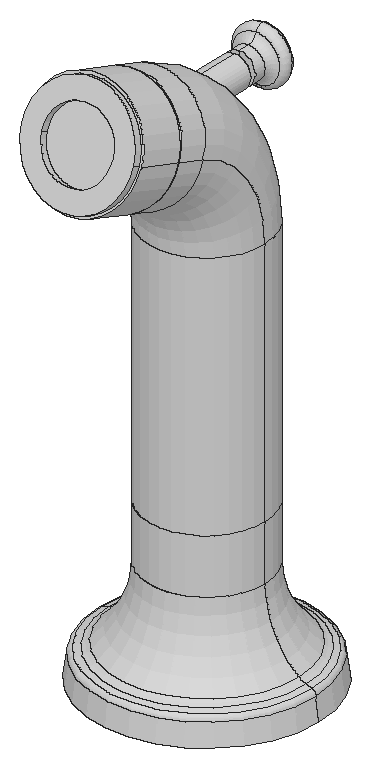
Revit family "Lixil-Grohe-Listra-Tub_Spout_with_Diverter-106206_0", category Plumbing Fixtures, host Face, Revit 2023
Family settings
  Host = Face
  Round Connector Dimension = Use Diameter
  Part Type = Normal
  OmniClass Number = 23.45.55.17
  OmniClass Title = Mixing Faucets
  Enable Cutting in Views = Yes
  Cut with Voids When Loaded = No
  Maintain Annotation Orientation = No
  Shared = No
  Room Calculation Point = No
Parameters (values of type "Listra Tub Spout with Diverter")
  Depth = 7 3/8"  # constant formula
  Width = 2 3/4"  # constant formula
  Waste Connection = 1 = 0  # no
  Warranty URL = "https://www.grohe.us/support/warranty"
  Version = "2023 - v1.0a"  # constant formula
  Vent Connection = 1 = 0  # no
  URL = "https://www.grohe.us"
  Support Phone = "224-699-9545"  # constant formula
  Support Email = "mailto:support@bimsmith.com"
  Product Page URL = "https://www.grohe.us"
  Product Name = "Listra Tub Spout with Diverter"  # constant formula
  Product Documentation Link = "https://www.grohe.us"
  Model = "106206_0"
  Manufacturer Phone Number = "630-872-5570"  # constant formula
  Manufacturer Email = "https://www.grohe.us"
  Manufacturer Address = "https://www.grohe.us"
  Manufacturer = "LIXIL"  # constant formula
  Keynote = "22 40 00"
  Height [instance] = 3 5/8"  # constant formula
  HW Connection = 1 = 1  # yes
  Finish = Metal - Grohe - Chrome
  Description = "Tub Spout with Diverter"  # constant formula
  Default Elevation = 0"  # constant formula
  Copyright = "©LIXIL® | All Rights Reserved"  # constant formula
  Collection = "Listra"  # constant formula
  CW Connection = 1 = 1  # yes
  Brand = "Grohe"  # constant formula
  Assembly Code = "D2010400"
Reference planes (in)
  plane 1 "Center (Front/Back)": y = 0
  plane 2: z = 0
  plane 3 "Center (Left/Right)": x = 0
Forms (in)
  Revolve 1, solid, material "Metal - Grohe - Chrome" <- "Finish"
    sketch origin (0, 0, 0) x (1, 0, 0) y (0, 0, 1)
      loop
        line (0, 1.96832) -> (-0.71875, 1.96832) -> (-0.71875, 1.29238)
        arc (-0.71875, 1.29238) -> (-0.82585, 0.80337) -> (-1.12754, 0.4039) r 1.16993
        arc (-1.12754, 0.4039) -> (-1.16787, 0.37572) -> (-1.21293, 0.35599) r 0.25
        line (-1.21293, 0.35599) -> (-1.28999, 0.33095)
        arc (-1.28999, 0.33095) -> (-1.32526, 0.30716) -> (-1.34257, 0.26829) r 0.07717
        line (-1.34257, 0.26829) -> (-1.38027, 0) -> (0, 0) -> (0, 1.96832)
      axis (0, 1.96832) -> (0, 0)
    angle from 0 to 360
  Sweep 2, solid, material "Metal - Grohe - Chrome" <- "Finish"
    path origin (0, 0, 0) x (0, 1, 0) y (0, 0, 1)
      loop
        line (0.71875, 1.96832) -> (0.71875, 5.02385)
        arc (0.71875, 5.02385) -> (0.32472, 6.26275) -> (-0.71258, 7.04642) r 2.14469
        line (-0.71258, 7.04642) -> (-1.06844, 7.17193)
    profile origin (0, 0.71875, 3.49608) x (0, -1, 0) y (1, 0, 0)
      loop
        circle (0.71875, 0) r 0.71875
  Extrusion 3, solid, material "Metal - Grohe - Chrome" <- "Finish"
    sketch origin (0, -1.06844, 7.17193) x (1, 0, 0) y (0, 0.332618, 0.943062)
      loop
        circle (0, -0.71875) r 0.59375
    from 0 to 0.03472
  Extrusion 4, solid, material "Metal - Grohe - Chrome" <- "Finish"
    sketch origin (0, -1.10118, 7.18348) x (1, 0, 0) y (0, 0.332618, 0.943062)
      loop
        circle (0, -0.71875) r 0.71875
    from 0 to 0.59517
  Revolve 5, solid, material "Metal - Grohe - Chrome" <- "Finish"
    sketch origin (0, 0, 0) x (0, 1, 0) y (0, 0, 1)
      loop
        arc (0.98612, 6.48368) -> (0.9758, 6.62144) -> (0.95031, 6.7572) r 1.2469
        arc (0.95031, 6.7572) -> (0.92213, 6.79978) -> (0.87955, 6.82796) r 0.12806
        arc (0.87955, 6.82796) -> (0.80895, 6.8255) -> (0.76354, 6.77138) r 0.08684
        arc (0.76354, 6.77138) -> (0.7184, 6.70571) -> (0.64283, 6.68042) r 0.12557
        line (0.64283, 6.68042) -> (0.5003, 6.68042) -> (0.5003, 6.60413) -> (0.42401, 6.60413) -> (0.42401, 6.68042) -> (-0.38719, 6.68042) -> (-0.38719, 6.48368) -> (0.98612, 6.48368)
      axis (-0.38719, 6.48368) -> (0.98612, 6.48368)
    angle from 0 to 360
  Extrusion 6, solid, material "Metal - Grohe - Chrome" <- "Finish"
    sketch origin (0, -1.66246, 7.38144) x (1, 0, 0) y (0, 0.332618, 0.943062)
      loop
        circle (0, -0.71875) r 0.6875
      loop
        circle (0, -0.71875) r 0.4375
    from 0 to 0.0798
Dimensions and locks (in)
  aligned and locked: plane 2 to host face
  aligned and locked: level to host face
